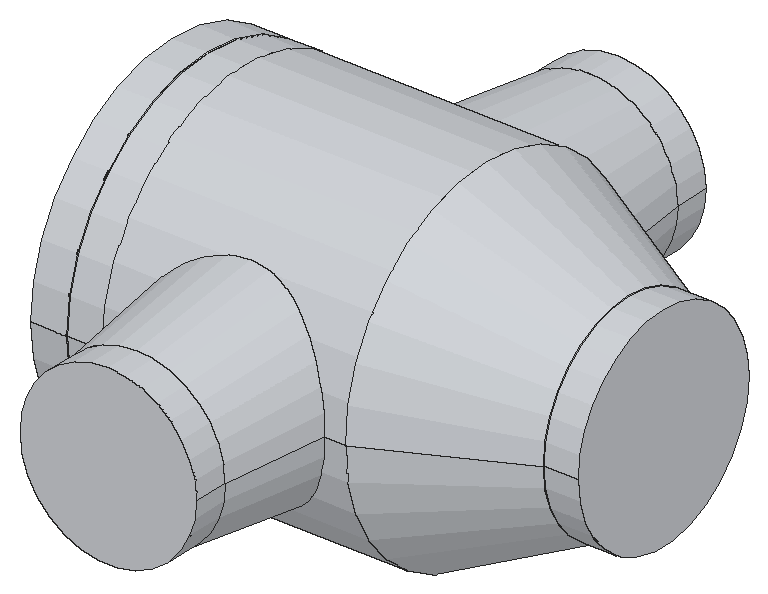
Revit family "M_Cruzamento cônico de transição redonda - 180 Graus - DTL", category Conexões de duto, Revit 2019
Family settings
  Cota do conector redondo = Usar raio
  Tipo de parte = Cruzeta
  Número OmniClass = 23.75.70.14
  Título OmniClass = Air Ductwork
  ID de item do Seek = Round Transition Conical Cross - 180 Degree - DTL-0000-CAN-ENU
  Com base no plano de trabalho = Não
  Sempre na vertical = Sim
  Corte com vazios quando carregada = Não
  Compartilhado = Não
Parameters (values of type "Padrão")
  Torneira 2 Comprimento [instance] = 150 mm
  Legenda da inserção da torneira 2 [instance] = 3048 mm + if(Torneira 2 Ângulo 1 < 90.00°, Inserção 1 da torneira 2, if(Torneira 2 Ângulo 1 = 90.00°, Inserção 2 da torneira 2, Inserção 3 da torneira 2))  # 3193 mm
  Legenda da inserção da torneira 1 [instance] = 3048 mm + if(Torneira 1 Ângulo 1 < 90.00°, Inserção 1 da torneira 1, if(Torneira 1 Ângulo 1 = 90.00°, Inserção 2 da torneira 1, Inserção 3 da torneira 1))  # 3193 mm
  Inserção 3 da torneira 2 [instance] = if(Torneira 2 Ângulo 1 > 90.00°, Torneira 2 Diâmetro da base 1 / 2 / sin(180.00° - Torneira 2 Ângulo 1) + Raio do corpo 1 / tan(180.00° - Torneira 2 Ângulo 1), 0 mm)  # 0 mm
  Inserção 2 da torneira 2 [instance] = if(Torneira 2 Ângulo 1 = 90.00°, Torneira 2 Raio da base 1, 0 mm)  # 145 mm
  Inserção 1 da torneira 2 [instance] = if(Torneira 2 Ângulo 1 < 90.00°, (Comprimento 2 - (Raio do corpo 1 / sin(Torneira 2 Ângulo 1) - Comprimento 2 / tan(Torneira 2 Ângulo 1)) / tan(Torneira 2 Ângulo 1)) * sin(Torneira 2 Ângulo 1), 0 mm)  # 0 mm
  Inserção 3 da torneira 1 [instance] = if(Torneira 1 Ângulo 1 > 90.00°, Diâmetro da base 1 da torneira 1 / 2 / sin(180.00° - Torneira 1 Ângulo 1) + Raio do corpo 1 / tan(180.00° - Torneira 1 Ângulo 1), 0 mm)  # 0 mm
  Inserção 2 da torneira 1 [instance] = if(Torneira 1 Ângulo 1 = 90.00°, Raio da base 1 da torneira 1, 0 mm)  # 145 mm
  Inserção da torneira 2 [instance] = 25 mm
  Torneira 2 Comprimento do colarinho [instance] = 50 mm
  Comprimento 2 [instance] = if(not(Torneira 2 Ângulo 1 = 90.00°), (tan(Torneira 2 Ângulo 1) * Torneira 2 Raio da base 1 + tan(Ângulo 2) * tan(Torneira 2 Ângulo 1) * Torneira 2 Raio da base 1 / tan(Torneira 2 Ângulo 1)) / (tan(Torneira 2 Ângulo 1) - tan(Ângulo 2)), 0 mm)  # 0 mm
  Comprimento 1 [instance] = if(not(Torneira 1 Ângulo 1 = 90.00°), (tan(Torneira 1 Ângulo 1) * Raio da base 1 da torneira 1 + tan(Ângulo 1) * tan(Torneira 1 Ângulo 1) * Raio da base 1 da torneira 1 / tan(Torneira 1 Ângulo 1)) / (tan(Torneira 1 Ângulo 1) - tan(Ângulo 1)), 0 mm)  # 0 mm
  Ângulo 2 [instance] = if(not(Torneira 2 Ângulo 1 = 90.00°), atan((Torneira 2 Raio central da base - Torneira 2 Raio da base 1) / (Raio do corpo 1 / sin(Torneira 2 Ângulo 1) + Torneira 2 Raio da base 1 / tan(Torneira 2 Ângulo 1))), 1.00°)  # 1.00°
  Ângulo 1 [instance] = if(not(Torneira 1 Ângulo 1 = 90.00°), atan((Raio central da base da torneira 1 - Raio da base 1 da torneira 1) / (Raio do corpo 1 / sin(Torneira 1 Ângulo 1) + Raio da base 1 da torneira 1 / tan(Torneira 1 Ângulo 1))), 1.00°)  # 1.00°
  Inserção 1 da torneira 1 [instance] = if(Torneira 1 Ângulo 1 < 90.00°, (Comprimento 1 - (Raio do corpo 1 / sin(Torneira 1 Ângulo 1) - Comprimento 1 / tan(Torneira 1 Ângulo 1)) / tan(Torneira 1 Ângulo 1)) * sin(Torneira 1 Ângulo 1), 0 mm)  # 0 mm
  Comprimento da inserção da torneira [instance] = if(Comprimento da inserção da torneira 1 > Torneira 2 Comprimento da inserção, (Comprimento da inserção da torneira 1 - Torneira 2 Comprimento da inserção) / 2 + Torneira 2 Comprimento da inserção, (Torneira 2 Comprimento da inserção - Comprimento da inserção da torneira 1) / 2 + Comprimento da inserção da torneira 1)  # 3318 mm
  Torneira 2 Comprimento da inserção [instance] = Legenda da inserção da torneira 2 + Torneira 2 Comprimento 3  # 3318 mm
  Comprimento da inserção da torneira 1 [instance] = Legenda da inserção da torneira 1 + Torneira 1 Comprimento 3  # 3318 mm
  Torneira 2 Raio [instance] = 125 mm
  Torneira 2 Deslocamento a partir do centro 1 [instance] = 3048 mm - Torneira 2 Deslocamento a partir do centro  # 3048 mm
  Torneira 2 Deslocamento a partir do centro [instance] = 0 mm
  Torneira 2 Comprimento 3 [instance] = Comprimento do corpo 1 + Inserção da torneira 2  # 125 mm
  Torneira 2 Comprimento 2 [instance] = Torneira 2 Comprimento 1 + Torneira 2 Comprimento do colarinho  # 450 mm
  Torneira 2 Comprimento 1 [instance] = Raio do corpo 1 / sin(Torneira 2 Ângulo 1) + if(Torneira 2 Ângulo 1 < 90.00°, Torneira 2 Raio da base 1 / tan(Torneira 2 Ângulo 1), if(Torneira 2 Ângulo 1 = 90.00°, 0 mm, Torneira 2 Raio da base 1 / tan(180.00° - Torneira 2 Ângulo 1))) + Torneira 2 Comprimento  # 400 mm
  Torneira 1 Comprimento 3 [instance] = Comprimento do corpo 1 + Inserção da torneira 1  # 125 mm
  Inserção da torneira 1 [instance] = 25 mm
  Torneira 1 Comprimento 2 [instance] = Torneira 1 Comprimento 1 + Comprimento do colarinho da torneira 1  # 450 mm
  Torneira 2 Diâmetro 2 [instance] = if(Torneira 2 Ângulo 1 < 90.00°, 2 * (((Raio do corpo 1 * (Torneira 2 Diâmetro da base 1 - Torneira 2 Diâmetro) / sin(Torneira 2 Ângulo 1) + (Torneira 2 Comprimento + Torneira 2 Raio da base 1 / tan(Torneira 2 Ângulo 1)) * (Torneira 2 Diâmetro da base 1 - Torneira 2 Diâmetro)) / (2 * (Torneira 2 Comprimento + Torneira 2 Raio da base 1 / tan(Torneira 2 Ângulo 1)) - Torneira 2 Diâmetro da base 1 / tan(Torneira 2 Ângulo 1)) + Torneira 2 Diâmetro / 2)), 0 mm)  # 0 mm
  Torneira 2 Diâmetro 1 [instance] = if(Torneira 2 Ângulo 1 = 90.00°, 2 * ((Torneira 2 Diâmetro da base 1 - Torneira 2 Diâmetro) / (2 * Torneira 2 Comprimento) * (Raio do corpo 1 + Torneira 2 Comprimento) + Torneira 2 Diâmetro / 2), 0 mm)  # 356.667 mm
  Diâmetro 3 da torneira 1 [instance] = if(Torneira 1 Ângulo 1 > 90.00°, 2 * (((Raio do corpo 1 * (Diâmetro da base 1 da torneira 1 - Diâmetro da torneira 1) / sin(180.00° - Torneira 1 Ângulo 1) + (Torneira 1 Comprimento + Raio da base 1 da torneira 1 / tan(180.00° - Torneira 1 Ângulo 1)) * (Diâmetro da base 1 da torneira 1 - Diâmetro da torneira 1)) / (2 * (Torneira 1 Comprimento + Raio da base 1 da torneira 1 / tan(180.00° - Torneira 1 Ângulo 1)) - Diâmetro da base 1 da torneira 1 / tan(180.00° - Torneira 1 Ângulo 1)) + Diâmetro da torneira 1 / 2)), 0 mm)  # 0 mm
  Diâmetro 2 da torneira 1 [instance] = if(Torneira 1 Ângulo 1 < 90.00°, 2 * (((Raio do corpo 1 * (Diâmetro da base 1 da torneira 1 - Diâmetro da torneira 1) / sin(Torneira 1 Ângulo 1) + (Torneira 1 Comprimento + Raio da base 1 da torneira 1 / tan(Torneira 1 Ângulo 1)) * (Diâmetro da base 1 da torneira 1 - Diâmetro da torneira 1)) / (2 * (Torneira 1 Comprimento + Raio da base 1 da torneira 1 / tan(Torneira 1 Ângulo 1)) - Diâmetro da base 1 da torneira 1 / tan(Torneira 1 Ângulo 1)) + Diâmetro da torneira 1 / 2)), 0 mm)  # 0 mm
  Diâmetro 1 da torneira 1 [instance] = if(Torneira 1 Ângulo 1 = 90.00°, 2 * ((Diâmetro da base 1 da torneira 1 - Diâmetro da torneira 1) / (2 * Torneira 1 Comprimento) * (Raio do corpo 1 + Torneira 1 Comprimento) + Diâmetro da torneira 1 / 2), 0 mm)  # 356.667 mm
  Torneira 2 Diâmetro [instance] = Torneira 2 Raio * 2  # 250 mm
  Torneira 2 Diâmetro 3 [instance] = if(Torneira 2 Ângulo 1 > 90.00°, 2 * (((Raio do corpo 1 * (Torneira 2 Diâmetro da base 1 - Torneira 2 Diâmetro) / sin(180.00° - Torneira 2 Ângulo 1) + (Torneira 2 Comprimento + Torneira 2 Raio da base 1 / tan(180.00° - Torneira 2 Ângulo 1)) * (Torneira 2 Diâmetro da base 1 - Torneira 2 Diâmetro)) / (2 * (Torneira 2 Comprimento + Torneira 2 Raio da base 1 / tan(180.00° - Torneira 2 Ângulo 1)) - Torneira 2 Diâmetro da base 1 / tan(180.00° - Torneira 2 Ângulo 1)) + Torneira 2 Diâmetro / 2)), 0 mm)  # 0 mm
  Raio do corpo 1 [instance] = if(Entrada do raio > Saída do raio, if(not(Raio do corpo < Entrada do raio), Raio do corpo, Entrada do raio), if(not(Raio do corpo < Saída do raio), Raio do corpo, Saída do raio))  # 250 mm
  Torneira 1 Raio [instance] = 125 mm
  Saída do raio [instance] = 150 mm
  Entrada do raio [instance] = 250 mm
  Torneira 1 Deslocamento a partir do centro 2 [instance] = if(Torneira 1 Deslocamento a partir do comprimento = 0 mm, 1 mm, 1 mm)  # 1 mm
  Torneira 1 Deslocamento a partir do centro 1 [instance] = 3048 mm - Torneira 1 Deslocamento a partir do comprimento  # 3048 mm
  Torneira 1 Deslocamento a partir do comprimento [instance] = 0 mm
  Comprimento do corpo 2 [instance] = Saída do colarinho + Saída do comprimento 1  # 250 mm
  Saída do comprimento 1 [instance] = if(Saída do comprimento = 0 mm, 2 mm, Saída do comprimento)  # 200 mm
  Comprimento do corpo 1 [instance] = Entrada do colarinho + Entrada do comprimento 1  # 100 mm
  Entrada do comprimento 1 [instance] = if(Entrada do comprimento = 0 mm, 2 mm, Entrada do comprimento)  # 50 mm
  Saída do colarinho [instance] = 50 mm
  Saída do comprimento [instance] = 200 mm
  Entrada do colarinho [instance] = 50 mm
  Entrada do comprimento [instance] = 50 mm
  Torneira 1 Comprimento 1 [instance] = Raio do corpo 1 / sin(Torneira 1 Ângulo 1) + if(Torneira 1 Ângulo 1 < 90.00°, Raio da base 1 da torneira 1 / tan(Torneira 1 Ângulo 1), if(Torneira 1 Ângulo 1 = 90.00°, 0 mm, Raio da base 1 da torneira 1 / tan(180.00° - Torneira 1 Ângulo 1))) + Torneira 1 Comprimento  # 400 mm
  Torneira 1 Comprimento [instance] = 150 mm
  Comprimento do corpo [instance] = 345 mm
  Diâmetro da torneira 1 [instance] = Torneira 1 Raio * 2  # 250 mm
  Saída do diâmetro [instance] = Saída do raio * 2  # 300 mm
  Entrada do diâmetro [instance] = Entrada do raio * 2  # 500 mm
  Comprimento do colarinho da torneira 1 [instance] = 50 mm
  Torneira 2 Raio da base 1 [instance] = if(Torneira 2 Raio da base > Torneira 2 Raio, Torneira 2 Raio da base, Torneira 2 Raio + 25 mm)  # 145 mm
  Raio da base 1 da torneira 1 [instance] = if(Raio da base da torneira 1 > Torneira 1 Raio, Raio da base da torneira 1, Torneira 1 Raio + 25 mm)  # 145 mm
  Raio do corpo [instance] = 250 mm
  Diâmetro do corpo [instance] = Raio do corpo * 2  # 500 mm
  Torneira 2 Raio da base [instance] = 145 mm
  Raio da base da torneira 1 [instance] = 145 mm
  Torneira 2 Diâmetro da base 1 [instance] = Torneira 2 Raio da base 1 * 2  # 290 mm
  Diâmetro da base 1 da torneira 1 [instance] = Raio da base 1 da torneira 1 * 2  # 290 mm
  Torneira 2 Diâmetro da base [instance] = Torneira 2 Raio da base * 2  # 290 mm
  Diâmetro da base da torneira 1 [instance] = Raio da base da torneira 1 * 2  # 290 mm
  Torneira 2 Raio central da base [instance] = Torneira 2 Diâmetro central da base / 2  # 178.333 mm
  Raio central da base da torneira 1 [instance] = Diâmetro central da base da torneira 1 / 2  # 178.333 mm
  Torneira 2 Diâmetro central da base [instance] = if(Torneira 2 Ângulo 1 < 90.00°, abs(Torneira 2 Diâmetro 2), if(Torneira 2 Ângulo 1 = 90.00°, abs(Torneira 2 Diâmetro 1), abs(Torneira 2 Diâmetro 3)))  # 356.667 mm
  Diâmetro central da base da torneira 1 [instance] = if(Torneira 1 Ângulo 1 < 90.00°, abs(Diâmetro 2 da torneira 1), if(Torneira 1 Ângulo 1 = 90.00°, abs(Diâmetro 1 da torneira 1), abs(Diâmetro 3 da torneira 1)))  # 356.667 mm
  Torneira 2 Ângulo 1 [instance] = 90.00°
  Torneira 1 Ângulo 1 [instance] = 90.00°
Reference planes
  plane 1 "Centro (Frente/Trás)": y = 0
  plane 2: z = 0
  plane 3 "Centro (Esquerda/Direita)": x = 0
  plane 4: x = -170
  plane 5: x = 175
  plane 6: x = -220
  plane 7: x = -270
  plane 8: x = 375
  plane 9: x = 425
  plane 10: z = -3048
  plane 11: z = 0
  plane 12: z = -1
  plane 13: x = 0
  plane 14: x = -145
  plane 15: x = -3193
  plane 16: x = -219.008
  plane 17: x = 374.008
  plane 18: z = 1
  plane 19: z = 0
  plane 20: x = 0
  plane 21: x = -145
  plane 22: x = -3193
  plane 23: x = -3318
Forms (mm)
  Sweep 1, solid, detail levels medium+fine
    path in 3D
      loop
        line (-270, 0, 0) -> (-219.008, 0, 0)
    profile origin (-244.504, 0, 0) x (0, 1, 0) y (0, 0, 1)
      loop
        circle (0, 0) r 250
  Sweep 2, solid, detail levels medium+fine
    path in 3D
      loop
        line (-170, 0, 0) -> (175, 0, 0)
    profile origin (2.5, 0, 0) x (0, 1, 0) y (0, 0, 1)
      loop
        circle (0, 0) r 250
  Sweep 3, solid, detail levels medium+fine
    path in 3D
      loop
        line (374.008, 0, 0) -> (425, 0, 0)
    profile origin (399.504, 0, 0) x (0, 1, 0) y (0, 0, 1)
      loop
        circle (0, 0) r 150
  SweptBlend 4, solid, detail levels medium+fine
    path in 3D
      loop
        line (0, 0, 0) -> (0, -400, 0)
    profile origin (0, 0, 0) x (1, 0, 0) y (0, 0, 1)
      loop
        circle (0, 0) r 178.333
    end profile origin (0, -400, 0) x (1, 0, 0) y (0, 0, 1)
      loop
        circle (0, 0) r 125
  Sweep 5, solid, detail levels medium+fine
    path in 3D
      loop
        line (0, 0, 0) -> (0, -450, 0)
    profile origin (0, -225, 0) x (1, 0, 0) y (0, 0, 1)
      loop
        circle (0, 0) r 125
  SweptBlend 6, solid, detail levels medium+fine
    path in 3D
      loop
        line (0, 0, 0) -> (0, 400, 0)
    profile origin (0, 0, 0) x (-1, 0, 0) y (0, 0, 1)
      loop
        circle (0, 0) r 178.333
    end profile origin (0, 400, 0) x (-1, 0, 0) y (0, 0, 1)
      loop
        circle (0, 0) r 125
  Sweep 7, solid, detail levels medium+fine
    path in 3D
      loop
        line (0, 0, 0) -> (0, 450, 0)
    profile origin (0, 225, 0) x (-1, 0, 0) y (0, 0, 1)
      loop
        circle (0, 0) r 125
  Blend 8, solid, detail levels medium+fine
    base sketch origin (0, 0, 0) x (0, 1, 0) y (0, 0, 1)
      loop
        circle (0, 0) r 250
    top sketch origin (0, 0, 0) x (0, 1, 0) y (0, 0, 1)
      loop
        circle (0, 0) r 250
    from -220 to -170
  Blend 9, solid, detail levels medium+fine
    base sketch origin (0, 0, 0) x (0, 1, 0) y (0, 0, 1)
      loop
        circle (0, 0) r 150
    top sketch origin (0, 0, 0) x (0, 1, 0) y (0, 0, 1)
      loop
        circle (0, 0) r 250
    from 375 to 175
Cuts and joins
  joined: Sweep 2, SweptBlend 4, Sweep 5, SweptBlend 6, Sweep 7, Blend 8, Blend 9
Lines and regions (mm)
  reference lines
    curve 1: line (-270, 0, 0) -> (-219.008, 0, 0)
    curve 2: line (374.008, 0, 0) -> (425, 0, 0)
    curve 3: line (-170, 0, 0) -> (175, 0, 0)
    curve 7: line (0, 0, 0) -> (0, -400, 0)
    curve 9: line (0, 0, 0) -> (0, -450, 0)
    curve 15: line (0, 0, 0) -> (0, 400, 0)
    curve 17: line (0, 0, 0) -> (0, 450, 0)
  sketch lines
    curve 4: line (-270, 0, 0) -> (-219.008, 0, 0)
    curve 5: line (-170, 0, 0) -> (175, 0, 0)
    curve 6: line (374.008, 0, 0) -> (425, 0, 0)
    curve 8: line (0, 0, 0) -> (0, -400, 0)
    curve 10: line (0, 0, 0) -> (0, -450, 0)
    curve 16: line (0, 0, 0) -> (0, 400, 0)
    curve 18: line (0, 0, 0) -> (0, 450, 0)
  model lines, detail levels coarse
    curve 11: line (-270, 0, 0) -> (425, 0, 0)
    curve 12: line (0, 0, 0) -> (0, -450, 0)
    curve 13: line (0, 0, 0) -> (0, 0, -1)
    curve 14: line (0, 0, 1) -> (0, 0, 0)
    curve 19: line (0, 0, 0) -> (0, 450, 0)
Dimensions and locks
  "Comprimento do corpo": plane 4 to plane 5
  "Entrada do comprimento 1": plane 6 to plane 4
  "Comprimento do corpo 1": plane 7 to plane 4
  "Saída do comprimento 1": plane 5 to plane 8
  "Comprimento do corpo 2": plane 5 to plane 9
  locked: plane 2 to plane 10 at 3048
  "Torneira 1 Deslocamento a partir do centro 1": plane 11 to plane 10
  "Torneira 1 Deslocamento a partir do centro 2": plane 11 to plane 12
  "Torneira 1 Comprimento 1": curve 7 to curve 7
  "Torneira 1 Comprimento 3": plane 7 to plane 14
  locked: plane 15 to plane 14 at 3048
  "Legenda da inserção da torneira 1": plane 15 to plane 13
  "Torneira 1 Comprimento 2": curve 9 to curve 9
  locked: plane 6 to plane 16 at 0.992
  locked: plane 17 to plane 8 at 0.992
  "Torneira 1 Comprimento 2": curve 12 to curve 12
  "Torneira 1 Deslocamento a partir do centro 2": plane 18 to plane 19
  "Torneira 2 Deslocamento a partir do centro 1": plane 19 to plane 10
  "Torneira 2 Comprimento 3": plane 7 to plane 21
  locked: plane 22 to plane 21 at 3048
  "Legenda da inserção da torneira 2": plane 22 to plane 20
  "Torneira 2 Comprimento 1": curve 15 to curve 15
  "Torneira 2 Comprimento 2": curve 17 to curve 17
  "Torneira 2 Comprimento 2": curve 19 to curve 19
  locked: plane 23 to plane 7 at 3048
  "Comprimento da inserção da torneira": plane 23 to plane 3 "Centro (Esquerda/Direita)"
  "Entrada do raio": radius of Sweep 1 sketch curve
  "Raio do corpo 1": radius of Sweep 2 sketch curve
  "Saída do raio": radius of Sweep 3 sketch curve
  "Raio central da base da torneira 1": radius of SweptBlend 4 sketch curve
  "Torneira 1 Raio": radius of SweptBlend 4 sketch curve
  "Torneira 1 Raio": radius of Sweep 5 sketch curve
  "Torneira 2 Raio central da base": radius of SweptBlend 6 sketch curve
  "Torneira 2 Raio": radius of SweptBlend 6 sketch curve
  "Torneira 2 Raio": radius of Sweep 7 sketch curve
  "Entrada do raio": radius of Blend 8 sketch curve
  "Raio do corpo 1": radius of Blend 8 sketch curve
  "Saída do raio": radius of Blend 9 sketch curve
  "Raio do corpo 1": radius of Blend 9 sketch curve
  "Torneira 1 Ângulo 1": angle curve 7 to plane 1 "Centro (Frente/Trás)"
  "Torneira 1 Ângulo 1": angle curve 9 to plane 1 "Centro (Frente/Trás)"
  "Torneira 1 Ângulo 1": angle curve 12 to plane 1 "Centro (Frente/Trás)"
  "Torneira 2 Ângulo 1": angle plane 1 "Centro (Frente/Trás)" to curve 15
  "Torneira 2 Ângulo 1": angle plane 1 "Centro (Frente/Trás)" to curve 17
  "Torneira 2 Ângulo 1": angle plane 1 "Centro (Frente/Trás)" to curve 19
  aligned and locked: plane 7 to curve 1
  aligned and locked: plane 1 "Centro (Frente/Trás)" to curve 1
  aligned and locked: plane 9 to curve 2
  aligned and locked: plane 1 "Centro (Frente/Trás)" to curve 2
  aligned and locked: plane 5 to curve 3
  aligned and locked: plane 1 "Centro (Frente/Trás)" to curve 3
  aligned and locked: plane 1 "Centro (Frente/Trás)" to curve 7
  aligned and locked: plane 13 to curve 9
  aligned and locked: plane 9 to curve 11
  aligned and locked: plane 7 to curve 11
  aligned and locked: plane 1 "Centro (Frente/Trás)" to curve 11
  aligned and locked: plane 1 "Centro (Frente/Trás)" to curve 12
  aligned and locked: plane 13 to curve 12
  aligned and locked: curve 13 to plane 1 "Centro (Frente/Trás)"
  aligned and locked: plane 12 to curve 13
  aligned and locked: plane 2 to curve 13
  aligned and locked: plane 2 to curve 14
  aligned and locked: plane 18 to curve 14
  aligned and locked: curve 14 to plane 1 "Centro (Frente/Trás)"
  aligned and locked: plane 1 "Centro (Frente/Trás)" to curve 17
  aligned and locked: plane 20 to curve 17
  aligned and locked: plane 1 "Centro (Frente/Trás)" to curve 19
  aligned and locked: plane 20 to curve 19
  aligned and locked: Blend 8 to plane 6
  aligned and locked: plane 4 to Blend 8
  aligned and locked: plane 5 to Blend 9
  aligned and locked: plane 8 to Blend 9
  aligned and locked: plane 16 to curve 1
  aligned and locked: plane 17 to curve 2
Automatic sketch dimensions
  Sweep 1 sketch curve to profile plane = 0 mm  (x2)
  Sweep 2 sketch curve to profile plane = 0 mm  (x2)
  Sweep 3 sketch curve to profile plane = 0 mm  (x2)
  SweptBlend 4 sketch curve to profile plane = 0 mm  (x4)
  Sweep 5 sketch curve to profile plane = 0 mm  (x2)
  SweptBlend 6 sketch curve to profile plane = 0 mm  (x4)
  Sweep 7 sketch curve to profile plane = 0 mm  (x2)
  Blend 8 sketch curve to level = 0 mm  (x2)
  Blend 8 sketch curve to plane 1 "Centro (Frente/Trás)" = 0 mm  (x2)
  Blend 9 sketch curve to level = 0 mm  (x2)
  Blend 9 sketch curve to plane 1 "Centro (Frente/Trás)" = 0 mm  (x2)
  curve 3 to plane 4 = 0 mm
Connectors
  hvac at (-270, 0, 0), driven by "Entrada do raio"
    settings: on Sweep 1, index 1, duct flow 0.0 L/s, flow factor 0, pres drop 0.0 Pa, loss coef 0, conn angle 0.00°, conn width 304.8 mm, conn height 304.8 mm, conn diameter 500 mm, duct sys type 28, conn prof type 0, flow config 0, flow direction 0, loss method 0, conn ref index 2, conn util no, is conn primary yes, conn desc ""
  hvac at (425, 0, 0), driven by "Saída do raio"
    settings: on Sweep 3, index 2, duct flow 0.0 L/s, flow factor 0, pres drop 0.0 Pa, loss coef 0, conn angle 0.00°, conn width 304.8 mm, conn height 304.8 mm, conn diameter 300 mm, duct sys type 28, conn prof type 0, flow config 0, flow direction 0, loss method 0, conn ref index 1, conn util no, is conn primary no, conn desc ""
  hvac at (0, -450, 0), driven by "Torneira 1 Raio", driven by "Torneira 1 Ângulo 1"
    settings: on cut or joined group of Sweep 2, SweptBlend 4, Sweep 5, SweptBlend 6, Sweep 7, Blend 8, Blend 9, index 3, duct flow 0.0 L/s, flow factor 0, pres drop 0.0 Pa, loss coef 0, conn angle 90.00°, conn width 304.8 mm, conn height 304.8 mm, conn diameter 250 mm, duct sys type 28, conn prof type 0, flow config 0, flow direction 0, loss method 0, conn ref index 4, conn util no, is conn primary no, conn desc ""
  hvac at (0, 450, 0), driven by "Torneira 2 Ângulo 1", driven by "Torneira 2 Raio"
    settings: on cut or joined group of Sweep 2, SweptBlend 4, Sweep 5, SweptBlend 6, Sweep 7, Blend 8, Blend 9, index 4, duct flow 0.0 L/s, flow factor 0, pres drop 0.0 Pa, loss coef 0, conn angle 90.00°, conn width 304.8 mm, conn height 304.8 mm, conn diameter 250 mm, duct sys type 28, conn prof type 0, flow config 0, flow direction 0, loss method 0, conn ref index 3, conn util no, is conn primary no, conn desc ""
